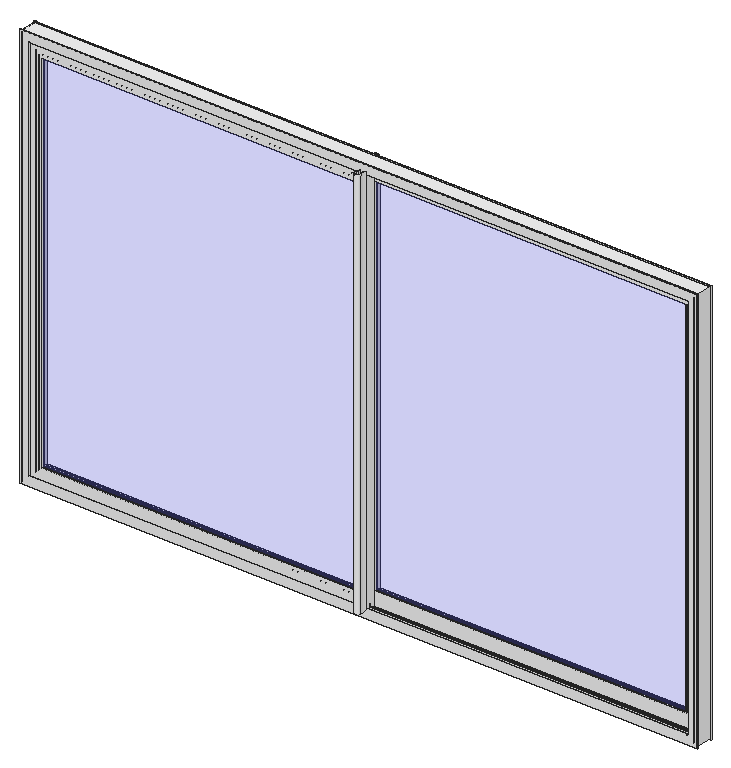
Revit family "1000_Sliding_Window_XX_Custom", category Windows, host Wall, Revit 2014
Parameters (values of type "1000SW-XX-Custom")
  Windload Design = if(Custom Windload < 1001 mm, 1000 mm, if(Custom Windload < 1501 mm, 1500 mm, 2000 mm))  # 1000 mm
  Width Sash Right [instance] = 1500 mm
  Width Sash Left [instance] = 1500 mm
  Width = if(Custom Window Width < Limit Window Width Min, Limit Window Width Min, if(Custom Window Width > Limit Window Width Max, Limit Window Width Max, Custom Window Width))  # 2998.6 mm
  Wall Thickness [instance] = 200 mm
  URL = "http://www.crealco.co.za/crealco-products.php"
  Thermal Resistance (R) [instance] = if(and(Custom U Value > 0.5678, 1 / Custom U Value < 36.9087), Custom U Value, if(not(Custom U Value > 0.5678), 1 / 0.5679, 1 / 36.9086)) * 1.0000 (m²·K)/W  # 1.76087 (m²·K)/W
  Standard Interlocker = not(Heavy Duty Interlocker)  # no
  Solar Heat Gain Coefficient [instance] = if(and(not(Custom SHGC Value < 0), not(Custom SHGC Value > 1)), Custom SHGC Value, if(Custom U Value < 0, 0, 1))  # 0
  Sash Width Right = (Width - (2 mm * 28.7) - Sash Width Left) + 58.8 mm  # 1500 mm
  Sash Width Left = if(Equal Sash Width, ((Width - (2 mm * 28.7)) / 2) + 29.4 mm, if(Custom Sash Width Left < Limit Sash Width Left Min, Limit Sash Width Left Min, if(Custom Sash Width Left > Limit Sash Width Left Max, Limit Sash Width Left Max, Custom Sash Width Left)))  # 1500 mm
  Sash Height = Height - (2 mm * 28.7)  # 1742.6 mm
  Sash Frame Seal = 2 mm  # constant formula
  Overall Width [instance] = 2998.6 mm
  Overall Height [instance] = 1800 mm
  Model = "1000"  # constant formula
  Max Pane Area = if(Area Right Sash Glazing > Area Left Sash Glazing, Area Right Sash Glazing, Area Left Sash Glazing)  # 2.29781 m²
  Manufacturer = "Crealco"  # constant formula
  Limit Window Width Min = (2 * Limit Sash Width Min) + (2 mm * 28.7) - 58.8 mm  # 598.6 mm
  Limit Window Width Max = (2 * Limit Sash Width Max) + (2 mm * 28.7) - 58.8 mm  # 2998.6 mm
  Limit Window Height Min = Limit Sash Height Min + (2 mm * 28.7)  # 357.4 mm
  Limit Window Height Max = Limit Sash Height Max + (2 mm * 28.7)  # 1857.4 mm
  Limit Sash Width Min = 300 mm  # constant formula
  Limit Sash Width Max = 1500 mm  # constant formula
  Limit Sash Width Left Min = if(Width - (2 mm * 28.7) - Limit Sash Width Max + 58.8 mm < Limit Sash Width Min, Limit Sash Width Min, Width - (2 mm * 28.7) - Limit Sash Width Max + 58.8 mm)  # 1500 mm
  Limit Sash Width Left Max = if(Width - (2 mm * 28.7) - Limit Sash Width Min + 58.8 mm > Limit Sash Width Max, Limit Sash Width Max, Width - (2 mm * 28.7) - Limit Sash Width Min + 58.8 mm)  # 1500 mm
  Limit Sash Height Min = 300 mm  # constant formula
  Limit Sash Height Max = 1800 mm  # constant formula
  Is Heavy Duty Mullion = if(Windload Design = 1000 mm, if(and(Width > 1190 mm, Height > 1490 mm), 1 mm, 0 mm), if(Windload Design = 1500 mm, if(or(and(Width > 1490 mm, Height > 1190 mm), Height > 1490 mm), 1 mm, 0 mm), if(or(and(Width > 1190 mm, Height > 1190 mm), Height > 1490 mm), 1 mm, 0 mm)))  # 1 mm
  IGDB or SAGDB Number [instance] = 0
  Height Sash [instance] = 1742.6 mm
  Height = if(Custom Window Height < Limit Window Height Min, Limit Window Height Min, if(Custom Window Height > Limit Window Height Max, Limit Window Height Max, Custom Window Height))  # 1800 mm
  Heavy Duty Interlocker = if(Is Heavy Duty Mullion = 1 mm, 1 = 1, 1 = 0)  # yes
  Heat Transfer Coefficient (U) [instance] = if(and(Custom U Value > 0.5678, Custom U Value < 36.9087), Custom U Value, if(not(Custom U Value > 0.5678), 0.5679, 36.9086)) * 1.0000 W/(m²·K)  # 0.5679 W/(m²·K)
  Glazing Thickness [instance] = if(IGDB or SAGDB Number = 1000015, 4 mm, if(IGDB or SAGDB Number = 9922, 4 mm, if(IGDB or SAGDB Number = 100100, 6 mm, if(IGDB or SAGDB Number = 103200, 7 mm, if(not(Max Pane Area > 0.75 m²), 4 mm, if(not(Max Pane Area > 1.50 m²), 4 mm, if(not(Max Pane Area > 2.10 m²), 5 mm, if(not(Max Pane Area > 2.90 m²), 6.4 mm, if(not(Max Pane Area > 4.30 m²), 8 mm, 10 mm)))))))))  # 6.4 mm
  Glazing Material [instance] = if(IGDB or SAGDB Number = 1000015, "PFG CLEARVUE 4mm", if(IGDB or SAGDB Number = 9922, "PFG ENERGY ADVANTAGE 4mm LOW-E", if(IGDB or SAGDB Number = 100100, "PFG INTRUDERPRUFE 6.38mm", if(IGDB or SAGDB Number = 103200, "PFG INTRUDERPRUFE LOW-E 7.38mm", "Unknown"))))  # "Unknown"
  Glazing Finish [instance] = Glass
  Glazing Code [instance] = if(IGDB or SAGDB Number = 1000015, "CF4", if(IGDB or SAGDB Number = 9922, "CF4E", if(IGDB or SAGDB Number = 100100, "LAM01", if(IGDB or SAGDB Number = 103200, "LAM01E", "Unknown"))))  # "Unknown"
  Frame Thickness = 75.7 mm  # constant formula
  Frame Offset From Exterior [instance] = if(Centered In Wall, (Wall Thickness - Frame Thickness) / 2, Custom Frame Offset From Exterior)  # 62.15 mm
  Equal Sash Width = yes
  Description = "Sliding window, XX custom"  # constant formula
  Default Sill Height = 800 mm
  Wall Closure = By host
  Custom Window Width = 3000 mm
  Custom Window Height = 1800 mm
  Custom Windload = 1000 mm
  Custom U Value [instance] = 0
  Custom Sash Width Left = 0 mm
  Custom SHGC Value [instance] = 0
  Custom Frame Offset From Exterior = 0 mm
  Centered In Wall = yes
  Area Right Sash Glazing = (Sash Width Right - (50.3 mm * 2)) * (Sash Height - (50.3 mm * 2))  # 2.29781 m²
  Area Left Sash Glazing = (Sash Width Left - (50.3 mm * 2)) * (Sash Height - (50.3 mm * 2))  # 2.29781 m²
  Aluminium Finish [instance] = White Powder Coated Aluminium ANP 1052
  All Available Glazing Numbers [instance] = "The rows below list the available glazing materials for this window:"  # constant formula
  9922 [instance] = "CF4E"  # constant formula
  103200 [instance] = "LAM01E"  # constant formula
  100100 [instance] = "LAM01"  # constant formula
  1000015 [instance] = "CF4"  # constant formula
Reference planes
  plane 1 "Center (Front/Back)": y = 0
  plane 2 "Center (Left/Right)": x = 0
  plane 3 "Left": x = -1499.3
  plane 4 "Right": x = 1499.3
  plane 5 "Sill": z = 800
  plane 6 "Head": z = 2600
  plane 7 "Exterior": y = 100
  plane 8 "Interior": y = -100
Lines and regions (mm)
  Opening 1
    outline origin (3500, -100, 0) x (1, 0, 0) y (0, 0, 1)
      loop
        line (-2000.7, 800) -> (-2000.7, 2600) -> (-4999.3, 2600) -> (-4999.3, 800) -> (-2000.7, 800)
Text (mm)
  text "EXTERIOR" at (-1963.203, 1332.353, 0), in view "Ref. Level"
  text "INTERIOR" at (-1981.466, -818.386, 0), in view "Ref. Level"
  text "Exterior" at (0, 923.751, 2943.296), in view "Right"
  text "Exterior" at (0, 1040.484, 2685.409), in view "Left"
Dimensions and locks
  equal spacing: plane 3 "Left", plane 2 "Center (Left/Right)", plane 4 "Right"
  "Width": plane 3 "Left" to plane 4 "Right"
  "Height": plane 5 "Sill" to plane 6 "Head"
  "Default Sill Height": plane 5 "Sill" to level
  locked: plane 7 "Exterior" to host wall at 0
  locked: plane 8 "Interior" to host wall
  "Overall Height": plane 6 "Head" to plane 5 "Sill"
  "Overall Width": plane 3 "Left" to plane 4 "Right"
  "Frame Offset From Exterior": nested 1 to plane 7 "Exterior"
  "Sash Frame Seal": nested 1 to nested 3
  "Sash Frame Seal": nested 2 to nested 1
  "Width Sash Left": nested 3 to nested 3
  "Width Sash Right": nested 2 to nested 2
  "Height Sash": nested 3 to nested 3
  "Wall Thickness": host wall to host wall
  aligned and locked: nested 1 to nested 3
  aligned and locked: nested 2 to nested 1  (x2)
  aligned and locked: nested 3 to nested 1
  aligned and locked: nested 1 to plane 6 "Head"
  aligned and locked: nested 1 to plane 4 "Right"
  aligned and locked: nested 4 to nested 3  (x3)
  aligned and locked: nested 5 to nested 2
  aligned and locked: nested 2 to nested 5
  aligned and locked: nested 7 to nested 2  (x2)
  aligned and locked: nested 2 to nested 7
  aligned and locked: nested 6 to nested 3  (x3)
  aligned and locked: nested 7 to nested 5
Automatic sketch dimensions
  plane 3 "Left" to Opening 1 sketch curve = 0 mm
  plane 4 "Right" to Opening 1 sketch curve = 0 mm
  Opening 1 sketch curve to plane 5 "Sill" = 0 mm
  Opening 1 sketch curve to plane 6 "Head" = 0 mm
Nested families
  nested 1: "1000_Outer_Frame_With_Lip_XX_Cust" at (-1499.3, -37.85, 800) x (-1, 0, 0) z (0, 0, 1), Width <- "Width", Height <- "Height", Profile Material <- "Aluminium Finish", type "1000_Outer_Frame_With_Lip_XX_Cust"
    with Width 2998.6 mm, Profile Material White Powder Coated Aluminium ANP 1052, Height 1800 mm
  nested 2: "1000_Sash_SG_XX_Cust" at (29.401, -2.15, 828.699), Sash Height <- "Sash Height", Sash Width <- "Sash Width Right", Profile Material <- "Aluminium Finish", Glazing Thickness <- "Glazing Thickness", Glazing Material <- "Glazing Finish", type "1000_Sash_SG_XX_Cust"
    with Sash Width 1500 mm, Sash Height 1742.6 mm, Right Sliding no, Profile Material White Powder Coated Aluminium ANP 1052, Length Arrow Tip 141.354 mm, Length Arrow 466.467 mm, Left Sliding yes, Is Sliding yes, Glazing Thickness 6.4 mm, Glazing Start -3.2 mm, Glazing Material Glass, Glazing End 3.2 mm, Arrow Tip Length 141.354 mm, Arrow Left Gap 516.767 mm, Arrow Bottom Gap 871.3 mm
  nested 3: "1000_Sash_SG_XX_Cust" at (1470.599, 37.85, 828.699), Sash Height <- "Sash Height", Sash Width <- "Sash Width Left", Profile Material <- "Aluminium Finish", Glazing Thickness <- "Glazing Thickness", Glazing Material <- "Glazing Finish", type "1000_Sash_SG_XX_Cust"
    with Sash Width 1500 mm, Sash Height 1742.6 mm, Right Sliding yes, Profile Material White Powder Coated Aluminium ANP 1052, Length Arrow Tip 141.354 mm, Length Arrow 466.467 mm, Left Sliding no, Is Sliding yes, Glazing Thickness 6.4 mm, Glazing Start -3.2 mm, Glazing Material Glass, Glazing End 3.2 mm, Arrow Tip Length 141.354 mm, Arrow Left Gap 516.767 mm, Arrow Bottom Gap 871.3 mm
  nested 4: "1000_Clip_On_Interlocker_XX_Cust" at (1.599, 1.55, 828.699) x (0, 1, 0) z (0, 0, 1), Clip On Interlocker Length <- "Sash Height", visible <- "Standard Interlocker", type "1000_Clip_On_Interlocker_XX_Cust"
    with Profile Material none, Clip On Interlocker Length 1742.6 mm
  nested 5: "1000_Clip_On_Interlocker_XX_Cust" at (-1.599, 6.15, 828.699) x (0, -1, 0) z (0, 0, 1), Clip On Interlocker Length <- "Sash Height", visible <- "Standard Interlocker", type "1000_Clip_On_Interlocker_XX_Cust"
    with Profile Material none, Clip On Interlocker Length 1742.6 mm
  nested 6: "1000_Heavy_Duty_Interlocker_XX_Cust" at (119.584, -185.916, 828.699) x (0, 1, 0) z (0, 0, 1), visible <- "Heavy Duty Interlocker", Profile Material <- "Aluminium Finish", Heavy Duty Interlocker Length <- "Sash Height", type "1000_Heavy_Duty_Interlocker_XX_Cust"
    with Profile Material White Powder Coated Aluminium ANP 1052, Heavy Duty Interlocker Length 1742.6 mm, Heavy Duty Interlocker yes
  nested 7: "1000_Heavy_Duty_Interlocker_XX_Cust" at (-119.584, 193.616, 828.699) x (0, -1, 0) z (0, 0, 1), visible <- "Heavy Duty Interlocker", Profile Material <- "Aluminium Finish", Heavy Duty Interlocker Length <- "Sash Height", type "1000_Heavy_Duty_Interlocker_XX_Cust"
    with Profile Material White Powder Coated Aluminium ANP 1052, Heavy Duty Interlocker Length 1742.6 mm, Heavy Duty Interlocker yes
Definition of nested family "1000_Outer_Frame_With_Lip_XX_Cust"
  Parameters (values of type "1000_Outer_Frame_With_Lip")
    Width [instance] = 1200 mm
    Profile Material [instance] = none
    Height [instance] = 1800 mm
  Reference planes
    plane 1 "Center (Front/Back)": y = 0
    plane 2: z = 0
    plane 3 "Center (Left/Right)": x = 0
  Forms (mm)
    Sweep 1, solid, material <- "Profile Material"
      path origin (0, 0, 0) x (1, 0, 0) y (0, 0, 1)
        loop
          line (0, 0) -> (0, 1800) -> (-1200, 1800) -> (-1200, 0) -> (0, 0)
      profile origin (-600, 0, 0) x (0, 0, -1) y (0, -1, 0)
        loop
          line (0, 0) -> (0, 1.4) -> (-4.241, 1.4) -> (-4.241, 42) -> (-4.241, 74.3) -> (0, 74.3) -> (0, 75.7) -> (-18.001, 75.7) -> (-18.001, 67.7) -> (-38.001, 67.7) -> (-39.788, 62.338) -> (-39.788, 61.062) -> (-38.001, 55.7) -> (-28.701, 55.7) -> (-28.701, 57.1) -> (-36.887, 57.1) -> (-37.885, 60.095) -> (-37.885, 63.305) -> (-36.887, 66.3) -> (-18.001, 66.3) -> (-18.001, 17.1) -> (-36.887, 17.1) -> (-37.885, 20.095) -> (-37.885, 23.305) -> (-36.887, 26.3) -> (-28.701, 26.3) -> (-28.701, 27.7) -> (-38.001, 27.7) -> (-39.788, 22.338) -> (-39.788, 21.062) -> (-38.001, 15.7) -> (-18.001, 15.7) -> (-18.001, 1.4) -> (-39.751, 1.4) -> (-39.751, 0) -> (0, 0)
        loop
          line (-5.641, 74.3) -> (-16.601, 74.3) -> (-16.601, 1.4) -> (-5.641, 1.4) -> (-5.641, 74.3)
  Lines and regions (mm)
    model lines
      curve 1: line (-1200, -75.7, 1800) -> (-1181.999, -75.7, 1781.999)
      curve 2: line (-18.001, -75.7, 1781.999) -> (0, -75.7, 1800)
      curve 3: line (0, -75.7, 0) -> (-18.001, -75.7, 18.001)
      curve 4: line (-1181.999, -75.7, 18.001) -> (-1200, -75.7, 0)
      curve 5: line (-1181.999, -67.7, 18.001) -> (-1161.999, -67.7, 38.001)
      curve 6: line (-38.001, -67.7, 38.001) -> (-18.001, -67.7, 18.001)
      curve 7: line (-18.001, -67.7, 1781.999) -> (-38.001, -67.7, 1761.999)
      curve 8: line (-1181.999, -67.7, 1781.999) -> (-1161.999, -67.7, 1761.999)
      curve 9: line (0, 0, 1800) -> (-39.788, 0, 1760.212)
      curve 10: line (-1200, 0, 1800) -> (-1160.249, 0, 1760.249)
      curve 11: line (-1200, 0, 0) -> (-1160.249, 0, 39.751)
      curve 12: line (0, 0, 0) -> (-39.788, 0, 39.788)
  Dimensions and locks
    "Width": Sweep 1 sketch curve to Sweep 1 sketch curve
    "Height": Sweep 1 sketch curve to Sweep 1 sketch curve
    aligned and locked: level to plane 2
  Automatic sketch dimensions
    Sweep 1 sketch curve to plane 1 "Center (Front/Back)" = 0 mm
    Sweep 1 sketch curve to profile plane = 0 mm  (x2)
    Sweep 1 sketch curve to Sweep 1 sketch curve = 4.241 mm
    Sweep 1 sketch curve to Sweep 1 sketch curve = 1.4 mm  (x8)
    plane 1 "Center (Front/Back)" to Sweep 1 sketch curve = 1.4 mm  (x2)
    Sweep 1 sketch curve to Sweep 1 sketch curve = 10.96 mm
    Sweep 1 sketch curve to Sweep 1 sketch curve = 0 mm  (x3)
    Sweep 1 sketch curve to Sweep 1 sketch curve = 10.7 mm  (x2)
    Sweep 1 sketch curve to Sweep 1 sketch curve = 8.186 mm  (x4)
    plane 1 "Center (Front/Back)" to Sweep 1 sketch curve = 17.1 mm
    Sweep 1 sketch curve to Sweep 1 sketch curve = 0.998 mm  (x2)
    Sweep 1 sketch curve to Sweep 1 sketch curve = 1.114 mm  (x4)
    Sweep 1 sketch curve to Sweep 1 sketch curve = 1.75 mm
    Sweep 1 sketch curve to Sweep 1 sketch curve = 1.904 mm  (x2)
    Sweep 1 sketch curve to Sweep 1 sketch curve = 2.995 mm  (x4)
    Sweep 1 sketch curve to Sweep 1 sketch curve = 0.967 mm  (x4)
    Sweep 1 sketch curve to Sweep 1 sketch curve = 1.276 mm  (x2)
    Sweep 1 sketch curve to Sweep 1 sketch curve = 14.3 mm
    Sweep 1 sketch curve to Sweep 1 sketch curve = 28 mm
    Sweep 1 sketch curve to Sweep 1 sketch curve = 6.6 mm
    curve 3 to Sweep 1 = 0 mm  (x3)
    Sweep 1 to curve 3 = 0 mm
    curve 2 to Sweep 1 = 0 mm  (x4)
    curve 1 to Sweep 1 = 0 mm  (x4)
    curve 4 to Sweep 1 = 0 mm  (x3)
    Sweep 1 to curve 4 = 0 mm
    curve 7 to Sweep 1 = 0 mm  (x4)
    curve 6 to Sweep 1 = 0 mm  (x3)
    Sweep 1 to curve 6 = 0 mm
    curve 5 to Sweep 1 = 0 mm  (x3)
    Sweep 1 to curve 5 = 0 mm
    curve 8 to Sweep 1 = 0 mm  (x4)
    curve 12 to Sweep 1 = 0 mm  (x2)
    curve 9 to Sweep 1 = 0 mm
    Sweep 1 to curve 9 = 0 mm
    curve 11 to Sweep 1 = 0 mm  (x4)
    curve 10 to Sweep 1 = 0 mm  (x3)
    Sweep 1 to curve 10 = 0 mm
    curve 12 to Sweep 1 = 0.037 mm  (x2)
    curve 9 to Sweep 1 = 0.037 mm  (x2)
    Sweep 1 sketch curve to level = 0 mm
    Sweep 1 sketch curve to plane 3 "Center (Left/Right)" = 0 mm
Definition of nested family "1000_Sash_SG_XX_Cust"
  Parameters (values of type "1000_Sash_SG")
    Sash Width [instance] = 300 mm
    Sash Height [instance] = 600 mm
    Right Sliding [instance] = yes
    Profile Material [instance] = White Powder Coated Aluminium ANP 1052
    Length Arrow Tip [instance] = Length Arrow / 3.3  # 20.141 mm
    Length Arrow [instance] = (Sash Width - (2 * 50.3 mm)) / 3  # 66.467 mm
    Left Sliding [instance] = yes
    Is Sliding [instance] = if(or(Right Sliding, Left Sliding), 1 = 1, 1 = 2)  # yes
    Glazing Thickness [instance] = 6.4 mm
    Glazing Start [instance] = -Glazing Thickness / 2  # -3.2 mm
    Glazing Material [instance] = Glass
    Glazing Frame Gap = 5 mm  # constant formula
    Glazing End [instance] = Glazing Thickness / 2  # 3.2 mm
    Arrow Tip Length [instance] = if((Sash Height - (2 * 50.3 mm)) / 8 > Length Arrow / 3.3, Length Arrow / 3.3, (Sash Height - (2 * 50.3 mm)) / 8)  # 20.141 mm
    Arrow Tip Angle = 45.00°
    Arrow Left Gap [instance] = (Sash Width - Length Arrow) / 2  # 116.767 mm
    Arrow Bottom Gap [instance] = Sash Height / 2  # 300 mm
  Reference planes
    plane 1 "Center (Front/Back)": y = 0
    plane 2: z = 0
    plane 3 "Center (Left/Right)": x = 0
    plane 4: y = -14
  Forms (mm)
    Sweep 1, solid, material "White Powder Coated Aluminium ANP 1052" <- "Profile Material"
      path origin (0, 0, 0) x (1, 0, 0) y (0, 0, 1)
        loop
          line (0, 0) -> (0, 600) -> (-300, 600) -> (-300, 0) -> (0, 0)
      profile origin (-150, 0, 0) x (0, 0, -1) y (0, -1, 0)
        loop
          line (-60, 0) -> (0, 0) -> (0, 6) -> (-1.3, 6) -> (-1.3, 1.3) -> (-31.5, 1.3) -> (-31.5, 5) -> (-30, 5) -> (-30, 23) -> (-31.5, 23) -> (-31.5, 26.7) -> (-1.3, 26.7) -> (-1.3, 22) -> (0, 22) -> (0, 28) -> (-60, 28) -> (-60, 20) -> (-58.7, 20) -> (-58.7, 26.7) -> (-45.3, 26.7) -> (-45.3, 1.3) -> (-58.7, 1.3) -> (-58.7, 8) -> (-60, 8) -> (-60, 0)
        loop
          line (-44, 26.7) -> (-44, 1.3) -> (-33, 1.3) -> (-33, 6.3) -> (-31.5, 6.3) -> (-31.5, 21.7) -> (-33, 21.7) -> (-33, 26.7) -> (-44, 26.7)
    Extrusion 2, solid, material "Glass" <- "Glazing Material"
      sketch origin (-1130, -14, 1200) x (-1, 0, 0) y (0, 0, 1)
        loop
          line (-880.3, -650.3) -> (-1079.7, -650.3) -> (-1079.7, -1149.7) -> (-880.3, -1149.7) -> (-880.3, -650.3)
      from -3.2 <- "Glazing Start" to 3.2 <- "Glazing End"
  Lines and regions (mm)
    model lines
      curve 1: line (-240, 0, 540) -> (-300, 0, 600)
      curve 2: line (-60, 0, 540) -> (0, 0, 600)
      curve 3: line (0, 0, 0) -> (-60, 0, 60)
      curve 4: line (-240, 0, 60) -> (-300, 0, 0)
      curve 5: line (-60, -28, 540) -> (0, -28, 600)
      curve 6: line (-240, -28, 540) -> (-300, -28, 600)
      curve 7: line (-300, -28, 0) -> (-240, -28, 60)
      curve 8: line (0, -28, 0) -> (-60, -28, 60)
    model lines, visible <- "Is Sliding"
      curve 9: line (-183.233, -10.8, 300) -> (-116.767, -10.8, 300)
    model lines, visible <- "Left Sliding"
      curve 10: line (-116.767, -10.8, 300) -> (-131.009, -10.8, 314.242)
      curve 11: line (-116.767, -10.8, 300) -> (-131.009, -10.8, 285.758)
    model lines, visible <- "Right Sliding"
      curve 12: line (-183.233, -10.8, 300) -> (-168.991, -10.8, 314.242)
      curve 13: line (-183.233, -10.8, 300) -> (-168.991, -10.8, 285.758)
  Dimensions and locks
    "Sash Width": Sweep 1 sketch curve to Sweep 1 sketch curve
    "Sash Height": Sweep 1 sketch curve to Sweep 1 sketch curve
    "Glazing Frame Gap": Sweep 1 to Extrusion 2 sketch curve
    "Glazing Frame Gap": Extrusion 2 sketch curve to Sweep 1  (x3)
    "Length Arrow": curve 9 to curve 9
    "Arrow Left Gap": plane 3 "Center (Left/Right)" to curve 9
    "Arrow Bottom Gap": level to curve 9
    "Arrow Tip Length": curve 11 to curve 10
    "Arrow Tip Length": curve 11 to curve 11
    "Length Arrow Tip": curve 13 to curve 13
    "Length Arrow Tip": curve 13 to curve 12
    "Arrow Tip Angle": angle curve 11 to curve 9
    "Arrow Tip Angle": angle curve 9 to curve 10
    "Arrow Tip Angle": angle curve 12 to curve 9
    "Arrow Tip Angle": angle curve 9 to curve 13
    aligned and locked: level to plane 2
  Automatic sketch dimensions
    curve 2 to Sweep 1 = 0 mm  (x4)
    curve 3 to Sweep 1 = 0 mm  (x3)
    Sweep 1 to curve 3 = 0 mm
    curve 1 to Sweep 1 = 0 mm  (x4)
    curve 4 to Sweep 1 = 0 mm  (x3)
    Sweep 1 to curve 4 = 0 mm
    curve 8 to Sweep 1 = 0 mm  (x4)
    curve 5 to Sweep 1 = 0 mm  (x3)
    Sweep 1 to curve 5 = 0 mm
    curve 7 to Sweep 1 = 0 mm  (x4)
    curve 6 to Sweep 1 = 0 mm  (x3)
    Sweep 1 to curve 6 = 0 mm
    Sweep 1 sketch curve to plane 1 "Center (Front/Back)" = 0 mm
    Sweep 1 sketch curve to profile plane = 0 mm  (x2)
    profile plane to Sweep 1 sketch curve = 1.3 mm
    Sweep 1 sketch curve to Sweep 1 sketch curve = 1.3 mm  (x7)
    Sweep 1 sketch curve to Sweep 1 sketch curve = 28.7 mm
    plane 1 "Center (Front/Back)" to Sweep 1 sketch curve = 1.3 mm  (x2)
    Sweep 1 sketch curve to Sweep 1 sketch curve = 1.5 mm  (x5)
    Sweep 1 sketch curve to Sweep 1 sketch curve = 11 mm
    Sweep 1 sketch curve to Sweep 1 sketch curve = 13.4 mm  (x2)
    Sweep 1 sketch curve to Sweep 1 sketch curve = 0 mm
    Sweep 1 sketch curve to Sweep 1 sketch curve = 3.7 mm
    Sweep 1 sketch curve to Sweep 1 sketch curve = 4.7 mm  (x2)
    Sweep 1 sketch curve to Sweep 1 sketch curve = 6.7 mm  (x2)
    Sweep 1 sketch curve to Sweep 1 sketch curve = 12 mm
    Sweep 1 sketch curve to Sweep 1 sketch curve = 15.4 mm
    Sweep 1 sketch curve to Sweep 1 sketch curve = 16 mm
    Sweep 1 sketch curve to Sweep 1 sketch curve = 5 mm
    Sweep 1 sketch curve to level = 0 mm
    Sweep 1 sketch curve to plane 3 "Center (Left/Right)" = 0 mm
Definition of nested family "1000_Clip_On_Interlocker_XX_Cust"
  Parameters (values of type "1000_Clip_On_Interlocker")
    Profile Material [instance] = none
    Notch Width = 13.1 mm  # constant formula
    Notch Side Gap = 4.8 mm  # constant formula
    Notch Height = 20 mm  # constant formula
    Clip On Interlocker Length [instance] = 250 mm
  Reference planes
    plane 1 "Center (Front/Back)": y = 0
    plane 2: z = 0
    plane 3 "Center (Left/Right)": x = 0
  Forms (mm)
    Extrusion 1, solid, material <- "Profile Material"
      sketch origin (0, 0, 0) x (1, 0, 0) y (0, 1, 0)
        loop
          line (0, 32.2) -> (0, 24.6) -> (6.9, 24.6) -> (6.9, 10) -> (0, 10) -> (0, 0) -> (1.2, 0) -> (1.2, 8.8) -> (6.9, 8.8) -> (6.9, 5.7) -> (8.3, 5.7) -> (8.3, 25.8) -> (1.2, 25.8) -> (1.2, 31) -> (14.6, 31) -> (14.6, 24.5) -> (15.775, 24.5) -> (15.775, 31) -> (28.875, 31) -> (28.875, 24.5) -> (30, 24.5) -> (30, 31) -> (33.7, 31) -> (33.7, 32.2) -> (0, 32.2)
      from 0 to 250 <- "Clip On Interlocker Length"
    Extrusion 2, void
      sketch origin (33.075, 32.2, 0) x (1, 0, 0) y (0, 0, 1)
        loop
          line (-4.175, 250) -> (-17.275, 250) -> (-17.275, 230) -> (-4.175, 230) -> (-4.175, 250)
        loop
          line (-4.175, 0) -> (-4.175, 20) -> (-17.275, 20) -> (-17.275, 0) -> (-4.175, 0)
      from 0 to 2
  Cuts and joins
    Extrusion 2 cuts Extrusion 1
  Dimensions and locks
    "Notch Side Gap": Extrusion 1 to Extrusion 2 sketch curve  (x2)
    "Notch Width": Extrusion 2 sketch curve to Extrusion 2 sketch curve  (x2)
    "Notch Height": Extrusion 1 to Extrusion 2 sketch curve
    "Notch Height": Extrusion 2 sketch curve to Extrusion 1
    aligned and locked: level to plane 2
    aligned and locked: Extrusion 1 to Extrusion 2 sketch curve
    aligned and locked: Extrusion 2 sketch curve to Extrusion 1
  Automatic sketch dimensions
    Extrusion 1 sketch curve to plane 3 "Center (Left/Right)" = 0 mm  (x2)
    plane 1 "Center (Front/Back)" to Extrusion 1 sketch curve = 0 mm
    plane 3 "Center (Left/Right)" to Extrusion 1 sketch curve = 1.2 mm  (x2)
    Extrusion 1 sketch curve to Extrusion 1 sketch curve = 5.7 mm
    Extrusion 1 sketch curve to Extrusion 1 sketch curve = 0 mm  (x3)
    Extrusion 1 sketch curve to Extrusion 1 sketch curve = 1.4 mm
    Extrusion 1 sketch curve to Extrusion 1 sketch curve = 6.3 mm
    Extrusion 1 sketch curve to Extrusion 1 sketch curve = 1.175 mm
    Extrusion 1 sketch curve to Extrusion 1 sketch curve = 13.1 mm
    Extrusion 1 sketch curve to Extrusion 1 sketch curve = 1.125 mm
    Extrusion 1 sketch curve to Extrusion 1 sketch curve = 3.7 mm
    Extrusion 1 sketch curve to plane 1 "Center (Front/Back)" = 5.7 mm
    Extrusion 1 sketch curve to Extrusion 1 sketch curve = 3.1 mm
    Extrusion 1 sketch curve to Extrusion 1 sketch curve = 1.2 mm  (x3)
    Extrusion 1 sketch curve to Extrusion 1 sketch curve = 14.5 mm
    Extrusion 1 sketch curve to Extrusion 1 sketch curve = 14.6 mm
    Extrusion 1 sketch curve to Extrusion 1 sketch curve = 6.5 mm  (x2)
Definition of nested family "1000_Heavy_Duty_Interlocker_XX_Cust"
  Parameters (values of type "1000_Heavy_Duty_Interlocker")
    Profile Material [instance] = none
    Notch Width = 13 mm  # constant formula
    Notch Side Gap = 15.8 mm  # constant formula
    Notch Height = 20 mm  # constant formula
    Heavy Duty Interlocker Length [instance] = 250 mm
    Heavy Duty Interlocker [instance] = yes
  Reference planes
    plane 1 "Center (Front/Back)": y = 0
    plane 2: z = 0
    plane 3 "Center (Left/Right)": x = 0
  Forms (mm)
    Extrusion 1, solid, material <- "Profile Material", visible <- "Heavy Duty Interlocker"
      sketch origin (374.931, 0, 0) x (-1, 0, 0) y (0, -1, 0)
        loop
          line (158.706, -148.985) -> (158.706, -145.885) -> (157.506, -145.885) -> (157.506, -148.985) -> (151.156, -148.985) -> (151.156, -122.127)
          arc (151.156, -122.127) -> (134.132, -124.551) -> (116.984, -123.281) r 80
          arc (116.984, -123.281) -> (104.109, -136.156) -> (116.984, -149.031) r 12.875
          arc (116.984, -149.031) -> (134.132, -147.761) -> (151.156, -150.185) r 80
          line (151.156, -150.185) -> (187.466, -150.185) -> (187.466, -139.985) -> (186.266, -139.985) -> (186.266, -142.585) -> (180.266, -142.585) -> (180.266, -127.985) -> (186.266, -127.985) -> (186.266, -130.585) -> (187.466, -130.585) -> (187.466, -117.985) -> (186.266, -117.985) -> (186.266, -126.785) -> (180.266, -126.785) -> (180.266, -123.685) -> (179.166, -123.685) -> (179.166, -143.785) -> (186.266, -143.785) -> (186.266, -148.985) -> (172.841, -148.985) -> (172.841, -145.885) -> (171.641, -145.885) -> (171.641, -148.985) -> (158.706, -148.985)
        loop
          arc (149.756, -124.533) -> (149.569, -124.143) -> (149.147, -124.045) r 0.5
          arc (149.147, -124.045) -> (141.472, -125.375) -> (133.704, -125.964) r 81.4
          arc (133.704, -125.964) -> (125.312, -125.766) -> (116.984, -124.704) r 81.4
          arc (116.984, -124.704) -> (105.532, -136.156) -> (116.984, -147.608) r 11.452
          arc (116.984, -147.608) -> (125.312, -146.546) -> (133.704, -146.347) r 81.4
          arc (133.704, -146.347) -> (141.472, -146.937) -> (149.147, -148.266) r 81.4
          arc (149.147, -148.266) -> (149.569, -148.169) -> (149.756, -147.778) r 0.5
          line (149.756, -147.778) -> (149.756, -124.533)
      from 0 to 250 <- "Heavy Duty Interlocker Length"
    Extrusion 2, void
      sketch origin (187.466, 150.185, 0) x (-1, 0, 0) y (0, 0, -1)
        loop
          line (-15.825, -250) -> (-15.825, -230) -> (-28.76, -230) -> (-28.76, -250) -> (-15.825, -250)
        loop
          line (-15.825, 0) -> (-28.76, 0) -> (-28.76, -20) -> (-15.825, -20) -> (-15.825, 0)
      from 0 to 250
  Cuts and joins
    Extrusion 2 cuts Extrusion 1
  Dimensions and locks
    "Notch Height": Extrusion 2 sketch curve to Extrusion 1
    "Notch Height": Extrusion 1 to Extrusion 2 sketch curve
    aligned and locked: level to plane 2
  Automatic sketch dimensions
    Extrusion 1 sketch curve to Extrusion 1 sketch curve = 0 mm  (x22)
    plane 1 "Center (Front/Back)" to Extrusion 1 sketch curve = 136.156 mm
    Extrusion 1 sketch curve to plane 3 "Center (Left/Right)" = 257.947 mm
    Extrusion 1 sketch curve to Extrusion 1 sketch curve = 14.448 mm  (x2)
    plane 1 "Center (Front/Back)" to Extrusion 1 sketch curve = 44.596 mm
    Extrusion 1 sketch curve to Extrusion 1 sketch curve = 32.272 mm
    Extrusion 1 sketch curve to Extrusion 1 sketch curve = 0.5 mm
    Extrusion 1 sketch curve to Extrusion 1 sketch curve = 1.4 mm
    Extrusion 1 sketch curve to Extrusion 1 sketch curve = 6.35 mm
    Extrusion 1 sketch curve to Extrusion 1 sketch curve = 1.2 mm  (x7)
    Extrusion 1 sketch curve to Extrusion 1 sketch curve = 12.935 mm
    Extrusion 1 sketch curve to Extrusion 1 sketch curve = 6.325 mm
    Extrusion 1 sketch curve to Extrusion 1 sketch curve = 1.1 mm
    Extrusion 1 sketch curve to Extrusion 1 sketch curve = 6 mm  (x2)
    Extrusion 1 sketch curve to Extrusion 1 sketch curve = 18.171 mm
    Extrusion 1 sketch curve to Extrusion 1 sketch curve = 4.142 mm
    Extrusion 1 sketch curve to Extrusion 1 sketch curve = 5.7 mm
    Extrusion 1 sketch curve to Extrusion 1 sketch curve = 2.407 mm
    Extrusion 1 sketch curve to Extrusion 1 sketch curve = 3.1 mm  (x2)
    Extrusion 1 sketch curve to Extrusion 1 sketch curve = 2.6 mm  (x2)
    Extrusion 1 sketch curve to Extrusion 1 sketch curve = 9.4 mm
    Extrusion 1 sketch curve to Extrusion 1 sketch curve = 2.1 mm
    Extrusion 1 sketch curve to Extrusion 1 sketch curve = 1.893 mm
    Extrusion 1 sketch curve to Extrusion 1 sketch curve = 5.2 mm
    Extrusion 1 sketch curve to Extrusion 1 sketch curve = 15.443 mm  (x2)
    Extrusion 2 sketch curve to Extrusion 1 = 0 mm  (x2)
    Extrusion 2 sketch curve to Extrusion 1 = 7.55 mm  (x2)
    Extrusion 2 sketch curve to Extrusion 2 sketch curve = 12.935 mm  (x2)
